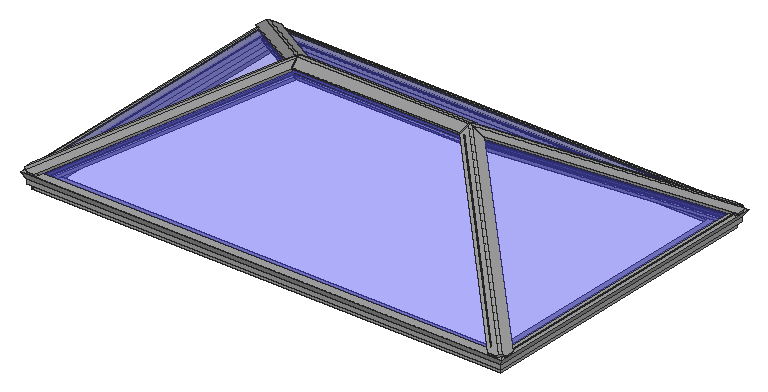
Revit family "Versalite™ Glass - Hipped End - Insulating Glass", category Generic Models, Revit 2015
Parameters
  Width Limitation [instance] = if(Width > 5' 0", 5' 0", if(Width < 3' 0", 3' 0", Width))  # 5' - 0"
  Width [instance] = 10' - 0"
  URL = "obe.com"
  Section Position 3 [instance] = 1' - 7.78461"
  Section Position 2 [instance] = 0' - 9 107/128"
  Section Position 1 [instance] = 1' - 7.78461"
  Section Height 3 [instance] = Section Position 3 * tan(30.00°) + 0' 0 41/128"  # 0' - 11.74296"
  Section Height 2 [instance] = Section Position 2 * tan(30.00°) + 0' 0 41/128"  # 0' - 5.99909"
  Section Height 1 [instance] = Section Position 1 * tan(30.00°) + 0' 0 11/128"  # 0' - 11.50859"
  Model = "Pre-engineered Skylight"
  Manufacturer = "Oldcastle BuildingEnvelope®"
  Length Limitation [instance] = if(Length > 8' 0", 8' 0", if(Length < 4' 0", 4' 0", Length))  # 8' - 0"
  Keynote = "08 63 00"
  Height [instance] = (Raster 2 * tan(30.00°)) + (0' 1 15/256")  # 1' - 7.48419"
  Glass Material = Glass
  Gasket Material = Gasket
  Frame Material = Aluminum
  Ridge Length [instance] = Length - (2 * Raster)  # 5' - 0"
  Raster 2 [instance] = Width Limitation / 2 + 0' 1 117/128"  # 2' - 7 117/128"
  Raster [instance] = Width Limitation / 2  # 2' - 6"
  Length [instance] = 10' - 0"
  Description = "Versalite™ Glass - Insulating Glass"
  Assembly Code = "B3020"
Reference planes (in)
  plane 1 "Center (Front/Back)": y = 0
  plane 2: z = 0
  plane 3 "Center (Left/Right)": x = 0
  plane 4: y = -30
  plane 5: y = 30
  plane 6: x = -48
  plane 7: x = 48
  plane 8 "Roof Left": through (-18.37096, 46.91666, 0.625) normal (0, 0.5, 0.866)
  plane 9 "Roof Rigth": through (-18.37096, -46.91666, 0.625) normal (0, 0.5, -0.866)
  plane 10: z = 19.48419
  plane 11 "Section Position 1": y = -10.21539
  plane 12 "Section Position 2": y = 10.21539
  plane 13: x = -38.16406
  plane 14: x = 28.21539
  plane 15: x = -18
  plane 16: x = 18
Forms (in)
  Sweep 1, solid, material "Aluminum"
    path origin (0, 0, 0) x (1, 0, 0) y (0, 1, 0)
      loop
        line (-48, 30) -> (-48, -30) -> (48, -30) -> (48, 30) -> (-48, 30)
    profile origin (0, 30, 0) x (0, 1, 0) y (0, 0, 1)
      loop
        line (1.00903, 1.23669) -> (0.93979, 1.11675) -> (1.48772, 0.80041) -> (0.8072, -0.37828) -> (-0.03775, 0.10956) -> (-0.38328, -0.52501) -> (-0.93348, -0.20736) -> (-1.24871, -0.75335) -> (-2.63565, -0.75335) -> (-2.63565, -1.35004) -> (0.57712, -1.35004) -> (0.57712, -2.67033) -> (0.69693, -2.67033) -> (0.69693, -1.58967) -> (1.296, -1.58967) -> (1.296, -0.66255) -> (2.04666, 0.63762) -> (1.00903, 1.23669)
Lines and regions (in)
  model lines
    curve 1: line (17.41876, 9.73866, 0) -> (17.34202, 9.8154, 0)
Dimensions and locks (in)
  equal spacing: plane 4, plane 1 "Center (Front/Back)", plane 5
  "Width Limitation": plane 5 to plane 4
  equal spacing: plane 6, plane 3 "Center (Left/Right)", plane 7
  locked: nested 6 to plane 6 at 1.35789
  "Section Position 1": plane 11 "Section Position 1" to plane 4
  "Section Position 1": plane 12 "Section Position 2" to plane 5
  "Section Position 2": plane 6 to plane 13
  "Section Position 3": plane 14 to plane 7
  "Height": plane 10 to level
  "Length Limitation": plane 6 to plane 7
  "Raster": plane 6 to plane 15
  "Raster": plane 16 to plane 7
  locked: plane 5 to nested 8 at 1.35823  (x2)
  locked: plane 4 to nested 7 at 1.35823  (x2)
  locked: plane 5 to nested 11 at 3.59895
  locked: nested 11 to plane 6 at 3.59895
  locked: nested 12 to plane 6 at 3.59895
  locked: plane 4 to nested 12 at 3.59895
  locked: plane 4 to nested 10 at 3.59895
  locked: plane 7 to nested 10 at 3.59895
  locked: plane 5 to nested 9 at 3.59895
  locked: plane 7 to nested 9 at 3.59895
  locked: plane 7 to nested 13 at 1.35789
  aligned and locked: level to plane 2
  aligned and locked: plane 16 to nested 3
  aligned and locked: nested 3 to plane 15
Automatic sketch dimensions
  plane 5 to Sweep 1 sketch curve = 0' - 0"
  Sweep 1 sketch curve to plane 7 = 0' - 0"
  plane 6 to Sweep 1 sketch curve = 0' - 0"
  Sweep 1 sketch curve to plane 4 = 0' - 0"
  profile plane to Sweep 1 sketch curve = 0' - 2.63565"
  profile plane to Sweep 1 sketch curve = 0' - 1.24871"
  Sweep 1 sketch curve to level = 0' - 0.20736"
  Sweep 1 sketch curve to Sweep 1 sketch curve = 0' - 0.31523"
  profile plane to Sweep 1 sketch curve = 0' - 0.38328"
  profile plane to Sweep 1 sketch curve = 0' - 0.03775"
  Sweep 1 sketch curve to profile plane = 0' - 0.57712"
  Sweep 1 sketch curve to Sweep 1 sketch curve = 0' - 0.11981"
  Sweep 1 sketch curve to level = 0' - 0.37828"
  Sweep 1 sketch curve to profile plane = 0' - 0.8072"
  Sweep 1 sketch curve to profile plane = 0' - 0.93979"
  Sweep 1 sketch curve to Sweep 1 sketch curve = 0' - 0.06925"
  Sweep 1 sketch curve to Sweep 1 sketch curve = 0' - 0.59907"
  Sweep 1 sketch curve to Sweep 1 sketch curve = 0' - 0.54793"
  level to Sweep 1 sketch curve = 0' - 0.63762"
  Sweep 1 sketch curve to Sweep 1 sketch curve = 0' - 0.55894"
  Sweep 1 sketch curve to Sweep 1 sketch curve = 0' - 0.546"
  Sweep 1 sketch curve to Sweep 1 sketch curve = 0' - 0 11/16"
  Sweep 1 sketch curve to Sweep 1 sketch curve = 0' - 0.23963"
  Sweep 1 sketch curve to Sweep 1 sketch curve = 0' - 1.08065"
  curve 1 to plane 16 = 0' - 0.65798"
  plane 12 "Section Position 2" to curve 1 = 0' - 0.47673"
  curve 1 to curve 1 = 0' - 0.07674"  (x2)
Nested families (in)
  nested 1: "VRG-7-12-Rafter" at (-66, -50.1691, 0.74578), Lenght <- "Raster 2", type "VRG-7-12-Rafter", not visible
    with Lenght 2' - 7 117/128", Height 1' - 6.42559"
  nested 2: "VRG-7-12-Rafter" at (-66, 50.1691, 0.74578), Lenght <- "Raster 2", type "VRG-7-12-Rafter", not visible
    with Lenght 2' - 7 117/128", Height 1' - 6.42559"
  nested 3: "Hip" at (0, 0, 0.0222) x (0, -1, 0) z (0, 0, 1), Height <- "Height", Frame Material <- "Frame Material", type "Hip"
    with Length 3' - 0", Height 1' - 7.48419", Frame Material Aluminum
  nested 4: "VRG-7-12-Rafter" at (-84, -32.1691, 0.74578), Lenght <- "Raster 2", type "VRG-7-12-Rafter", not visible
    with Lenght 2' - 7 117/128", Height 1' - 6.42559"
  nested 5: "VRG-7-12-Rafter" at (-84, 32.1691, 0.74578), Lenght <- "Raster 2", type "VRG-7-12-Rafter", not visible
    with Lenght 2' - 7 117/128", Height 1' - 6.42559"
  nested 6: "Triangular Glazing Panel" at (-49.35789, 0, -0.33984) x (0, -1, 0) z (0, 0, 1), Raster <- "Width Limitation", Length <- "Raster", type "Triangular Glazing Panel"
    with Raster 5' - 0", Nett Length 2' - 10.64102", Length 2' - 6"
  nested 7: "Trapeze Glazing Panel" at (0, -31.35823, -0.35239), Raster <- "Raster", Glass Width <- "Length Limitation", type "Trapeze Glazing Panel"
    with Raster 2' - 6", Nett Length 2' - 10.87539", Length 4' - 0", Glass Width 8' - 0"
  nested 8: "Trapeze Glazing Panel" at (0, 31.35823, -0.28989), Raster <- "Raster", Glass Width <- "Length Limitation", type "Trapeze Glazing Panel"
    with Raster 2' - 6", Nett Length 2' - 10.87539", Length 4' - 0", Glass Width 8' - 0"
  nested 9: "Ridge" at (51.59895, 33.59895, -2.49199) x (-1, 0, 0) z (0, 0, 1), Raster <- "Raster", type "Ridge"
    with Void elevation 1' - 8.60408", Raster 2' - 6", Nett Length 4' - 1.82652", Lenght 3' - 6.42641", Height 1' - 0.24888"
  nested 10: "Ridge" at (51.59895, -33.59895, -2.49199) x (-1, 0, 0) z (0, 0, 1), Raster <- "Raster", type "Ridge"
    with Void elevation 1' - 8.60408", Raster 2' - 6", Nett Length 4' - 1.82652", Lenght 3' - 6.42641", Height 1' - 0.24888"
  nested 11: "Ridge" at (-51.59895, 33.59895, -2.49199), Raster <- "Raster", type "Ridge"
    with Void elevation 1' - 8.60408", Raster 2' - 6", Nett Length 4' - 1.82652", Lenght 3' - 6.42641", Height 1' - 0.24888"
  nested 12: "Ridge" at (-51.59895, -33.59895, -2.49199), Raster <- "Raster", type "Ridge"
    with Void elevation 1' - 8.60408", Raster 2' - 6", Nett Length 4' - 1.82652", Lenght 3' - 6.42641", Height 1' - 0.24888"
  nested 13: "Triangular Glazing Panel" at (49.35789, 0, -0.33984) x (0, -1, 0) z (0, 0, 1), Raster <- "Width Limitation", Length <- "Raster", type "Triangular Glazing Panel"
    with Raster 5' - 0", Nett Length 2' - 10.64102", Length 2' - 6"
Definition of nested family "VRG-7-12-Rafter"
  Parameters (values of type "VRG-7-12-Rafter")
    Material = none
    Lenght [instance] = 4' - 0"
    Height [instance] = Lenght * tan(30.00°)  # 2' - 3.71281"
  Reference planes (in)
    plane 1 "Center (Front/Back)": y = 0
    plane 2: z = 0
    plane 3 "Center (Left/Right)": x = 0
    plane 4: through (0, -2.50843, 1.44824) normal (0, 0.5, 0.866)
    plane 5: through (0, 1.91, 8.68351) normal (0, -0.866, 0.5)
    plane 6: y = -48
    plane 7: through (0, -64.80082, 67.14002) normal (0, -0.866, 0.5)
    plane 8: z = 27.71281
    plane 9: z = -4
    plane 10: z = 28.71281
  Forms (in)
    Sweep 1, solid, material <- "Material"
      path origin (0, -1.54008, 0.3325) x (0, 1, 0) y (0, 0, 1)
        loop
          line (-46.45992, 27.38031) -> (1.54008, -0.3325)
      profile origin (0, -24, 13.85641) x (0, 0.5, 0.866025) y (1, 0, 0)
        loop
          line (0.33168, 1.25) -> (-0.29332, 1.25) -> (-0.29332, 0.5625) -> (-1.73082, 0.5625) -> (-1.73082, 1.4375) -> (-3.98082, 1.4375) -> (-3.98082, -1.4375) -> (-1.73082, -1.4375) -> (-1.73082, -0.5625) -> (-0.29332, -0.5625) -> (-0.29332, -1.25) -> (0.33168, -1.25) -> (0.33168, 1.25)
    Sweep 2, void
      path origin (0, 0, 0) x (1, 0, 0) y (0, 1, 0)
        loop
          line (-1.4375, 0) -> (1.4375, 0)
      profile origin (0, 0, 0) x (0, 1, 0) y (0, 0, 1)
        loop
          line (0.16584, 0.28724) -> (-0.91478, 0.91114) -> (-1.32418, 0.20931) -> (-0.77099, -0.11007) -> (-1.33785, -1.08183) -> (-2.10632, -0.63816) -> (-2.54721, -1.39397) -> (-3.27552, -0.97348) -> (-4.02553, -2.27252) -> (-1.99041, -3.44749) -> (0.16584, 0.28724)
    Extrusion 3, void
      sketch origin (0, 0, 0) x (0, 1, 0) y (0, 0, 1)
        loop
          line (-47.875, 28.02363) -> (-50.25, 28.02363) -> (-50.25, 24.13653) -> (-47, 22.26014) -> (-47, 25.14824) -> (-47.56717, 25.47585) -> (-46.84738, 26.70978) -> (-46.28543, 26.38534) -> (-45.971, 26.92436) -> (-47.875, 28.02363)
      from -1.4375 to 1.4375
  Cuts and joins
    Sweep 2, Extrusion 3 cuts Sweep 1
  Dimensions and locks (in)
    locked: plane 5 to plane 2 at 5.37529
    locked: plane 1 "Center (Front/Back)" to plane 5 at 3.10343
    "Lenght": plane 1 "Center (Front/Back)" to plane 6
    Sweep 1 sketch curve to Sweep 1 sketch curve = 0' - 2 7/8"
    Sweep 1 sketch curve to Sweep 1 sketch curve = 0' - 1 1/8"
    Sweep 1 sketch curve to Sweep 1 sketch curve = 0' - 2 1/2"
    locked: level to plane 9 at 4
    "Height": plane 8 to level
    locked: plane 10 to plane 8 at 1
    Sweep 2 sketch curve to plane 3 "Center (Left/Right)" to Sweep 2 sketch curve = 0' - 1 7/16" locked, 0' - 1 7/16" locked
    Extrusion 3 sketch curve to Extrusion 3 sketch curve to Extrusion 3 sketch curve to Extrusion 3 sketch curve to Extrusion 3 sketch curve to Extrusion 3 sketch curve to Extrusion 3 sketch curve to plane 6 to Extrusion 3 sketch curve = 0' - 0.31443" locked, 0' - 0.56195" locked, 0' - 0.15262" locked, 0' - 0" locked, 0' - 0.56717" locked, 0' - 0.30783" locked, 0' - 0 1/8" locked, 0' - 2 1/4" locked
    plane 10 to Extrusion 3 sketch curve to Extrusion 3 sketch curve to Extrusion 3 sketch curve to Extrusion 3 sketch curve to Extrusion 3 sketch curve to Extrusion 3 sketch curve to Extrusion 3 sketch curve to Extrusion 3 sketch curve = 0' - 0.68918" locked, 0' - 1.09927" locked, 0' - 0.21458" locked, 0' - 0.32444" locked, 0' - 0.90949" locked, 0' - 0.32761" locked, 0' - 1 3/256" locked, 0' - 1.87639" locked
    locked: level to plane 4 (angle 30.00°)
    locked: plane 1 "Center (Front/Back)" to plane 5 (angle 30.00°)
    aligned and locked: plane 2 to level
    aligned and locked: plane 4 to Sweep 1 sketch curve
    aligned and locked: plane 1 "Center (Front/Back)" to Sweep 1 sketch curve
    aligned and locked: plane 6 to Sweep 1 sketch curve
    aligned and locked: plane 1 "Center (Front/Back)" to Sweep 2 sketch curve
  Automatic sketch dimensions
    Sweep 2 sketch curve to profile plane = 0' - 0.16584"
    level to Sweep 2 sketch curve = 0' - 0.28724"
    profile plane to Sweep 2 sketch curve = 0' - 1.99041"
    level to Sweep 2 sketch curve = 0' - 0.91114"
    profile plane to Sweep 2 sketch curve = 0' - 0.91478"
    level to Sweep 2 sketch curve = 0' - 0.20931"
    Sweep 2 sketch curve to Sweep 2 sketch curve = 0' - 0.4094"
    Sweep 2 sketch curve to Sweep 2 sketch curve = 0' - 0.65256"
    Sweep 2 sketch curve to level = 0' - 0.11007"
    Sweep 2 sketch curve to Sweep 2 sketch curve = 0' - 0.56686"
    Sweep 2 sketch curve to Sweep 2 sketch curve = 0' - 0.97176"
    Sweep 2 sketch curve to level = 0' - 0.97348"
    Sweep 2 sketch curve to Sweep 2 sketch curve = 0' - 1.93767"
    Sweep 2 sketch curve to Sweep 2 sketch curve = 0' - 0.72832"
    Sweep 2 sketch curve to level = 0' - 0.63816"
    Sweep 2 sketch curve to Sweep 2 sketch curve = 0' - 0.44089"
    Sweep 1 sketch curve to plane 3 "Center (Left/Right)" = 0' - 1 7/16"
    profile plane to Sweep 1 sketch curve = 0' - 3.98082"
    profile plane to Sweep 1 sketch curve = 0' - 0.29332"  (x2)
    Sweep 1 sketch curve to profile plane = 0' - 0.33168"
    Sweep 1 sketch curve to plane 3 "Center (Left/Right)" = 0' - 1 1/4"
    Sweep 1 sketch curve to plane 3 "Center (Left/Right)" = 0' - 0 9/16"
    profile plane to Sweep 1 sketch curve = 0' - 1.73082"
    Sweep 1 sketch curve to Sweep 1 sketch curve = 0' - 1 7/16"
Definition of nested family "Hip"
  Parameters (values of type "Hip")
    Length [instance] = 4' - 0"
    Height [instance] = 3' - 0"
    Frame Material [instance] = none
  Reference planes (in)
    plane 1 "Center (Front/Back)": y = 0
    plane 2: z = 0
    plane 3 "Center (Left/Right)": x = 0
    plane 4: y = 24
    plane 5 "Top": z = 36
    plane 6: y = -24
    plane 7: y = 23.85547
    plane 8: y = -23.85547
  Forms (in)
    Sweep 1, solid, material <- "Frame Material"
      path origin (0, -48, 36) x (0, 1, 0) y (-1, 0, 0)
        loop
          line (24.14453, 0) -> (71.85547, 0)
      profile origin (0, 0, 36) x (-1, 0, 0) y (0, 0, 1)
        loop
          line (-1.29206, -1.25215) -> (-0.59824, -2.45523) -> (-1.55896, -3.00928) -> (-1.19822, -3.63479) -> (0, -2.943) -> (1.19822, -3.63479) -> (1.55896, -3.00928) -> (0.59824, -2.45523) -> (1.29206, -1.25215) -> (1.8757, -1.58911) -> (2.1846, -1.05348) -> (0.35947, 0) -> (-0.35947, 0) -> (-2.1846, -1.05348) -> (-1.8757, -1.58911) -> (-1.29206, -1.25215)
    Extrusion 2, void
      sketch origin (0, 0, 36) x (0, 1, 0) y (-1, 0, 0)
        loop
          line (23.85547, 2.279) -> (23.39871, 2.279) -> (23.85547, 0.375) -> (23.85547, 2.279)
        loop
          line (23.85547, -2.279) -> (23.85547, -0.375) -> (23.39871, -2.279) -> (23.85547, -2.279)
        loop
          line (-23.85547, 2.279) -> (-23.85547, 0.375) -> (-23.39871, 2.279) -> (-23.85547, 2.279)
        loop
          line (-23.85547, -2.279) -> (-23.39871, -2.279) -> (-23.85547, -0.375) -> (-23.85547, -2.279)
      from -36 to 0
  Cuts and joins
    Extrusion 2 cuts Sweep 1
  Dimensions and locks (in)
    "Length": plane 4 to plane 6
    "Height": plane 5 "Top" to level
    equal spacing: plane 6, plane 1 "Center (Front/Back)", plane 4
    locked: plane 4 to plane 7 at 0.14453
    locked: plane 6 to plane 8 at 0.14453
    aligned and locked: plane 2 to level
    aligned and locked: plane 3 "Center (Left/Right)" to Sweep 1 sketch curve
    aligned and locked: plane 7 to Sweep 1 sketch curve
    aligned and locked: plane 8 to Sweep 1 sketch curve
    aligned and locked: Extrusion 2 to level
    aligned and locked: plane 5 "Top" to Extrusion 2
  Automatic sketch dimensions
    plane 8 to Extrusion 2 sketch curve = 0' - 0"  (x2)
    Extrusion 2 sketch curve to plane 7 = 0' - 0"  (x2)
    Extrusion 2 sketch curve to plane 8 = 0' - 0.45676"  (x2)
    Extrusion 2 sketch curve to plane 7 = 0' - 0.45676"  (x2)
    plane 3 "Center (Left/Right)" to Extrusion 2 sketch curve = 0' - 2.279"  (x2)
    plane 3 "Center (Left/Right)" to Extrusion 2 sketch curve = 0' - 0 3/8"  (x2)
    Extrusion 2 sketch curve to plane 3 "Center (Left/Right)" = 0' - 0 3/8"  (x2)
    Extrusion 2 sketch curve to Extrusion 2 sketch curve = 0' - 1.904"  (x2)
    Sweep 1 sketch curve to profile plane = 0' - 0"
    Sweep 1 sketch curve to Sweep 1 sketch curve = 0' - 0"
    Sweep 1 sketch curve to plane 5 "Top" = 0' - 0"
    profile plane to Sweep 1 sketch curve = 0' - 0.35947"
    Sweep 1 sketch curve to Sweep 1 sketch curve = 0' - 0.69382"  (x2)
    Sweep 1 sketch curve to profile plane = 0' - 0.35947"
    Sweep 1 sketch curve to plane 5 "Top" = 0' - 1.05348"  (x2)
    Sweep 1 sketch curve to Sweep 1 sketch curve = 0' - 0.31674"
    Sweep 1 sketch curve to Sweep 1 sketch curve = 0' - 0.53563"  (x2)
    profile plane to Sweep 1 sketch curve = 0' - 0.59824"
    Sweep 1 sketch curve to Sweep 1 sketch curve = 0' - 0.36073"  (x2)
    Sweep 1 sketch curve to Sweep 1 sketch curve = 0' - 0.62551"  (x2)
    Sweep 1 sketch curve to Sweep 1 sketch curve = 0' - 0.96071"
    Sweep 1 sketch curve to Sweep 1 sketch curve = 0' - 0.48776"
    Sweep 1 sketch curve to profile plane = 0' - 0.59824"
    Sweep 1 sketch curve to profile plane = 0' - 1.19822"
    Sweep 1 sketch curve to Sweep 1 sketch curve = 0' - 0.58363"
    Sweep 1 sketch curve to Sweep 1 sketch curve = 0' - 0.30891"  (x2)
    Sweep 1 sketch curve to Sweep 1 sketch curve = 0' - 0.86612"
Definition of nested family "Triangular Glazing Panel"
  Parameters (values of type "Triangular Glazing Panel")
    Raster [instance] = 9' - 0"
    Nett Length [instance] = ((Raster / cos(30.00°)) / 2)  # 5' - 2.35383"
    Length [instance] = 3' - 7.67416"
  Reference planes (in)
    plane 1 "Center (Front/Back)": y = 0
    plane 2: z = 0
    plane 3 "Center (Left/Right)": x = 0
    plane 4: x = -54
    plane 5: x = 54
    plane 6 "Top": y = 43.67416
    plane 7: x = -53.4375
    plane 8: x = 53.4375
    plane 9: through (0, 0.35933, 0.24284) normal (0, -0.866, -0.5)
    plane 10 "INT": through (0, 0.52177, 0.09566) normal (0, -0.5, 0.866)
    plane 11 "EXT": through (0, 0.02186, 0.95146) normal (0, -0.5, 0.866)
    plane 12: through (0, 0.40896, 0.29105) normal (0, -0.5, 0.866)
    plane 13: through (0, 0.13468, 0.75605) normal (0, -0.5, 0.866)
    plane 14: through (0, 54.35933, 31.41975) normal (0, -0.866, -0.5)
  Forms (in)
    Sweep 1, solid, detail levels fine
      path origin (0, 0.52177, 0.09566) x (0, -0.866025, -0.5) y (1, 0, 0)
        loop
          line (0.06709, -53.89578) -> (0.06709, 53.89578) -> (-62.32772, 0) -> (0.06709, -53.89578)
      profile origin (0, 0.46367, 0.06211) x (0, 0.866025, 0.5) y (0, -0.5, 0.866025)
        loop
          line (0.15942, -0.17401) -> (0.66398, -0.17627) -> (0.66477, 0) -> (0.15942, 0) -> (0.15942, -0.17401)
    Sweep 2, solid, detail levels fine
      path origin (0, 0.02186, 0.95146) x (0, -0.866025, -0.5) y (1, 0, 0)
        loop
          line (-62.33276, 0) -> (0.06205, -53.89578) -> (0.06205, 53.89578) -> (-62.33276, 0)
      profile origin (-26.94789, 26.98586, 16.51914) x (0.756767, -0.566108, -0.326842) y (0, -0.5, 0.866025)
        loop
          line (0.58539, 0.20374) -> (0.22342, 0.20536) -> (0.19511, 0.08826) -> (0.2164, -0.00263) -> (0.59095, -0.00263) -> (0.61266, 0.08639) -> (0.58539, 0.20374)
    Extrusion 3, solid, detail levels coarse
      sketch origin (0, 0.46246, 0.30236) x (0, -0.866025, -0.5) y (1, 0, 0)
        loop
          line (0.11908, -53.89578) -> (0.11908, 53.89578) -> (-62.27573, 0) -> (0.11908, -53.89578)
      from -0.20866 to 0.78216
    Extrusion 4, solid, detail levels medium+fine
      sketch origin (0, 0.46246, 0.30236) x (0, -0.866025, -0.5) y (1, 0, 0)
        loop
          line (0.11908, -53.89578) -> (0.11908, 53.89578) -> (-62.27573, 0) -> (0.11908, -53.89578)
      from -0.20866 to 0.01696
    Extrusion 5, solid, detail levels medium+fine
      sketch origin (0, 0.46246, 0.30236) x (0, -0.866025, -0.5) y (1, 0, 0)
        loop
          line (0.11908, -53.89578) -> (0.11908, 53.89578) -> (-62.27573, 0) -> (0.11908, -53.89578)
      from 0.5568 to 0.78244
  Dimensions and locks (in)
    locked: plane 4 to plane 7 at 0.5625
    locked: plane 8 to plane 5 at 0.5625
    plane 9 to level = 0' - 0.86521"
    plane 1 "Center (Front/Back)" to plane 9 = 0' - 0.49953"
    "Length": plane 1 "Center (Front/Back)" to plane 6 "Top"
    equal spacing: plane 4, plane 3 "Center (Left/Right)", plane 5
    "Raster": plane 4 to plane 5
    "Nett Length": plane 14 to plane 9
    locked: plane 4 to Extrusion 5 sketch curve at 0.10422
    locked: Extrusion 5 sketch curve to plane 5 at 0.10422
    locked: Extrusion 4 sketch curve to plane 5 at 0.10422
    locked: plane 4 to Extrusion 4 sketch curve at 0.10422
    locked: plane 4 to Sweep 2 sketch curve at 0.10422
    locked: Sweep 2 sketch curve to plane 5 at 0.10422
    locked: Sweep 1 sketch curve to plane 5 at 0.10422
    locked: plane 4 to Sweep 1 sketch curve at 0.10422
    locked: Extrusion 3 sketch curve to plane 5 at 0.10422
    locked: plane 4 to Extrusion 3 sketch curve at 0.10422
    angle plane 1 "Center (Front/Back)" to plane 9 = 30.00°
    locked: Extrusion 5 sketch curve to Extrusion 5 sketch curve (angle 49.18°)  (x2)
    locked: Extrusion 3 sketch curve to Extrusion 3 sketch curve (angle 49.18°)  (x2)
    locked: Extrusion 4 sketch curve to Extrusion 4 sketch curve (angle 49.18°)  (x2)
    locked: Sweep 1 sketch curve to Sweep 1 sketch curve (angle 49.18°)
    angle Sweep 1 sketch curve to Sweep 1 sketch curve = 49.18°
    locked: Sweep 2 sketch curve to Sweep 1 (angle 49.18°)
    locked: Sweep 2 sketch curve to Sweep 2 sketch curve (angle 49.18°)
    aligned and locked: plane 2 to level
    aligned and locked: plane 9 to Sweep 2 sketch curve
    aligned and locked: plane 9 to Sweep 1 sketch curve
    aligned and locked: plane 12 to Extrusion 4
    aligned and locked: plane 11 "EXT" to Extrusion 5
    aligned and locked: Extrusion 5 to plane 13
    aligned and locked: plane 9 to Extrusion 5 sketch curve
  Automatic sketch dimensions
    plane 11 "EXT" to Sweep 2 sketch curve = 0' - 0.08826"
    Sweep 2 sketch curve to profile plane = 0' - 0.19511"
    Sweep 2 sketch curve to plane 11 "EXT" = 0' - 0.00263"
    Sweep 2 sketch curve to Sweep 2 sketch curve = 0' - 0.0213"
    Sweep 2 sketch curve to Sweep 2 sketch curve = 0' - 0.02831"
    plane 11 "EXT" to Sweep 2 sketch curve = 0' - 0.20374"
    Sweep 2 sketch curve to Sweep 2 sketch curve = 0' - 0.36197"
    Sweep 2 sketch curve to Sweep 2 sketch curve = 0' - 0.00556"
    plane 11 "EXT" to Sweep 2 sketch curve = 0' - 0.08639"
    Sweep 2 sketch curve to Sweep 2 sketch curve = 0' - 0.0217"
    Sweep 2 sketch curve to Sweep 2 sketch curve = 0' - 0.1171"
    Sweep 1 sketch curve to plane 10 "INT" = 0' - 0"
    Sweep 1 sketch curve to profile plane = 0' - 0.15942"
    Sweep 1 sketch curve to plane 10 "INT" = 0' - 0.17627"
    Sweep 1 sketch curve to Sweep 1 sketch curve = 0' - 0.50456"
    Sweep 1 sketch curve to Sweep 1 sketch curve = 0' - 0.00079"
    plane 9 to Extrusion 3 sketch curve = 0' - 0"
    plane 9 to Extrusion 4 sketch curve = 0' - 0"
    plane 3 "Center (Left/Right)" to Sweep 2 sketch curve = 0' - 0"
Definition of nested family "Trapeze Glazing Panel"
  Parameters (values of type "Trapeze Glazing Panel")
    Glass Width [instance] = 5' - 0"
    Raster [instance] = 1' - 11.97755"
    Nett Length [instance] = Raster / cos(30.00°) + 0' 0 15/64"  # 2' - 3.92127"
    Length [instance] = 3' - 0"
  Reference planes (in)
    plane 1 "Center (Front/Back)": y = 0
    plane 2: z = 0
    plane 3 "Center (Left/Right)": x = 0
    plane 4: x = -30
    plane 5: x = 30
    plane 6 "Top": y = 36
    plane 7: through (0, 24.55553, 14.17714) normal (0, -0.866, -0.5)
    plane 8: x = -29.4375
    plane 9: x = 29.4375
    plane 10: through (0, 0.5, 0) normal (0, -0.866, -0.5)
    plane 11 "INT": through (0, 0.46402, 0.06232) normal (0, -0.5, 0.866)
    plane 12 "EXT": through (0, -0.03726, 0.92048) normal (0, -0.5, 0.866)
    plane 13 "First Mullion Offset": x = -6.02245
    plane 14: through (-34.15588, -8.12112, 15.51069) normal (-0.7568, 0.5661, 0.3268)
    plane 15: through (-33.75864, -8.46807, 15.31037) normal (-0.7568, 0.5661, 0.3268)
    plane 16: through (0, 0.3426, 0.27263) normal (0, -0.5, 0.866)
    plane 17: through (0, 0.07693, 0.7227) normal (0, -0.5, 0.866)
    plane 18: through (34.15588, -8.12112, 15.51069) normal (-0.7568, -0.5661, -0.3268)
    plane 19: through (33.75864, -8.46807, 15.31037) normal (-0.7568, -0.5661, -0.3268)
    plane 20: x = 6.02245
  Forms (in)
    Extrusion 1, solid, detail levels coarse
      sketch origin (0, 0.5, 0) x (0, -0.866025, -0.5) y (1, 0, 0)
        loop
          line (0, -29.875) -> (0, 29.875) -> (-27.92127, 5.71708) -> (-27.92127, -5.71708) -> (0, -29.875)
      from 0.07196 to 1.06238
    Sweep 2, solid, detail levels fine
      path origin (0, 0.46402, 0.06232) x (0, -0.866025, -0.5) y (1, 0, 0)
        loop
          line (-27.92127, 5.8662) -> (-27.92127, -5.8662) -> (0, -29.875) -> (0, 29.875) -> (-27.92127, 5.8662)
      profile origin (0, 24.64455, 14.02295) x (0, -0.866025, -0.5) y (0, -0.5, 0.866025)
        loop
          line (0.60003, -0.17402) -> (0.67233, 0) -> (0.13561, 0) -> (0.20609, -0.17402) -> (0.60003, -0.17402)
    Sweep 3, solid, detail levels fine
      path origin (0, -0.03726, 0.92048) x (0, -0.866025, -0.5) y (1, 0, 0)
        loop
          line (-0.00504, -29.875) -> (-0.00504, 29.875) -> (-27.92631, 5.8662) -> (-27.92631, -5.85255) -> (-0.00504, -29.875)
      profile origin (0, -0.0329, 0.923) x (0, 0.866025, 0.5) y (0, -0.5, 0.866025)
        loop
          line (0.588, 0.1925) -> (0.22071, 0.19415) -> (0.19511, 0.08826) -> (0.2164, -0.00263) -> (0.59095, -0.00263) -> (0.61266, 0.08639) -> (0.588, 0.1925)
    Extrusion 4, solid, detail levels medium+fine
      sketch origin (0, 0.5, 0) x (0, -0.866025, -0.5) y (1, 0, 0)
        loop
          line (0, -29.86114) -> (0, 29.86114) -> (-27.92127, 5.85448) -> (-27.92127, -5.85448) -> (0, -29.86114)
      from 0.07196 to 0.3148
    Extrusion 5, solid, detail levels medium+fine
      sketch origin (0, 0.5, 0) x (0, -0.866025, -0.5) y (1, 0, 0)
        loop
          line (0, -29.86114) -> (0, 29.86114) -> (-27.92127, 5.85448) -> (-27.92127, -5.85448) -> (0, -29.86114)
      from 0.83741 to 1.06579
  Dimensions and locks (in)
    locked: plane 4 to plane 8 at 0.5625
    locked: plane 9 to plane 5 at 0.5625
    "Nett Length": plane 10 to plane 7
    locked: plane 10 to level at 0.86603
    locked: plane 1 "Center (Front/Back)" to plane 10 at 0.5
    "Length": plane 1 "Center (Front/Back)" to plane 6 "Top"
    "Raster": plane 4 to plane 13 "First Mullion Offset"
    locked: plane 14 to plane 15 at 0.5625
    equal spacing: plane 8, plane 3 "Center (Left/Right)", plane 9
    locked: plane 18 to plane 19 at 0.5625
    "Raster": plane 20 to plane 5
    locked: Extrusion 5 sketch curve to plane 5 at 0.13886
    locked: plane 4 to Extrusion 5 sketch curve at 0.13886
    locked: plane 4 to Extrusion 1 sketch curve at 0.125
    locked: Extrusion 1 sketch curve to plane 5 at 0.125
    locked: Extrusion 4 sketch curve to plane 5 at 0.13886
    locked: plane 4 to Extrusion 4 sketch curve at 0.13886
    locked: plane 4 to Sweep 3 sketch curve at 0.125
    locked: Sweep 3 sketch curve to plane 5 at 0.125
    locked: Sweep 2 sketch curve to plane 5 at 0.125
    locked: plane 4 to Sweep 2 sketch curve at 0.125
    "Glass Width": plane 4 to plane 5
    locked: plane 13 "First Mullion Offset" to Extrusion 5 sketch curve at 0.16796
    locked: Extrusion 5 sketch curve to plane 20 at 0.16796
    Extrusion 1 sketch curve to plane 20 = 0' - 0.30537"
    locked: Extrusion 4 sketch curve to plane 20 at 0.16796
    locked: plane 13 "First Mullion Offset" to Extrusion 4 sketch curve at 0.16796
    locked: plane 13 "First Mullion Offset" to Sweep 2 sketch curve at 0.15625
    locked: plane 13 "First Mullion Offset" to Extrusion 1 sketch curve at 0.30537
    locked: plane 13 "First Mullion Offset" to Sweep 3 sketch curve at 0.16989
    locked: Sweep 3 sketch curve to plane 20 at 0.15625
    locked: Sweep 2 sketch curve to plane 20 at 0.15625
    locked: plane 6 "Top" to plane 7 (angle 30.00°)
    locked: plane 1 "Center (Front/Back)" to plane 10 (angle 30.00°)
    locked: plane 10 to plane 14 (angle 49.18°)
    locked: plane 18 to plane 10 (angle 49.18°)
    aligned and locked: plane 2 to level
    aligned and locked: Sweep 3 sketch curve to plane 7
    aligned and locked: plane 10 to Sweep 3 sketch curve
    aligned and locked: Sweep 2 sketch curve to plane 7
    aligned and locked: plane 10 to Sweep 2 sketch curve
    aligned and locked: plane 16 to Extrusion 4
    aligned and locked: Extrusion 4 to plane 7
    aligned and locked: plane 10 to Extrusion 4
    aligned and locked: plane 12 "EXT" to Extrusion 5
    aligned and locked: Extrusion 5 to plane 17
    aligned and locked: Extrusion 5 to plane 7
    aligned and locked: plane 10 to Extrusion 5
  Automatic sketch dimensions
    Sweep 2 sketch curve to plane 11 "INT" = 0' - 0"
    Sweep 2 sketch curve to profile plane = 0' - 0.13561"
    Sweep 2 sketch curve to Sweep 2 sketch curve = 0' - 0.07048"
    Sweep 2 sketch curve to plane 11 "INT" = 0' - 0.17402"  (x2)
    Sweep 2 sketch curve to Sweep 2 sketch curve = 0' - 0.39395"
    Sweep 2 sketch curve to Sweep 2 sketch curve = 0' - 0.0723"
    plane 7 to Extrusion 5 sketch curve = 0' - 0"
    plane 10 to Extrusion 5 sketch curve = 0' - 0"
    plane 10 to Extrusion 4 sketch curve = 0' - 0"
    plane 7 to Extrusion 4 sketch curve = 0' - 0"
    plane 7 to Extrusion 1 sketch curve = 0' - 0"
    plane 10 to Extrusion 1 sketch curve = 0' - 0"
    plane 12 "EXT" to Sweep 3 sketch curve = 0' - 0.08826"
    Sweep 3 sketch curve to profile plane = 0' - 0.19511"
    Sweep 3 sketch curve to plane 12 "EXT" = 0' - 0.00263"
    Sweep 3 sketch curve to Sweep 3 sketch curve = 0' - 0.0213"
    Sweep 3 sketch curve to Sweep 3 sketch curve = 0' - 0.0256"
    plane 12 "EXT" to Sweep 3 sketch curve = 0' - 0.1925"
    Sweep 3 sketch curve to Sweep 3 sketch curve = 0' - 0.3673"
    Sweep 3 sketch curve to Sweep 3 sketch curve = 0' - 0.00295"
    plane 12 "EXT" to Sweep 3 sketch curve = 0' - 0.08639"
    Sweep 3 sketch curve to Sweep 3 sketch curve = 0' - 0.0217"
    Sweep 3 sketch curve to Sweep 3 sketch curve = 0' - 0.10589"
Definition of nested family "Ridge"
  Parameters (values of type "Ridge")
    Void elevation [instance] = (Nett Length * sin(22.21°)) + 0' 1 197/256"  # 1' - 5.13957"
    Raster [instance] = 2' - 0"
    Nett Length [instance] = Lenght / cos(22.21°) + 0' 4"  # 3' - 4.66122"
    Lenght [instance] = Raster * sqrt(2)  # 2' - 9.94113"
    Height [instance] = Raster * tan(22.21°)  # 0' - 9.79911"
  Reference planes (in)
    plane 1 "Center (Front/Back)": y = 0
    plane 2: z = 0
    plane 3 "Center (Left/Right)": x = 0
    plane 4: through (8.48059, -4.3976, -0.9828) normal (-0.2551, -0.2833, 0.9245)
    plane 5 "Bottom": through (6.74976, -3.36907, 0) normal (-0.7071, -0.7071, 0)
    plane 6: y = 24
    plane 7: x = 24
    plane 8: through (11.2756, 1.15677, -10.34791) normal (-0.6546, -0.6546, -0.378)
    plane 9: z = 24
    plane 10: z = 9.79911
    plane 11 "Base": through (26.20311, -22.82243, 0) normal (-0.2673, -0.2673, 0.9258)
    plane 12: through (37.89417, 27.77534, 5.02213) normal (-0.6546, -0.6546, -0.378)
    plane 13: z = 17.13957
  Forms (in)
    Extrusion 1, void
      sketch origin (1.6048, 1.6048, 0) x (1, 0, 0) y (0, 1, 0)
        loop
          line (26.58295, 25.99609) -> (26.58295, 22.00563) -> (29.52882, 22.00563) -> (29.52882, 29.34494) -> (22.15382, 29.34494) -> (22.15382, 25.99609) -> (26.58295, 25.99609)
      from 0 to 24
    Sweep 2, solid
      path origin (26.20311, -22.82243, 0) x (-0.654643, -0.654643, -0.378002) y (0.707107, -0.707107, 0)
        loop
          line (-2.01408, -34.64497) -> (-42.6753, -34.64497)
      profile origin (16.33321, 16.30305, 8.44635) x (-0.707107, 0.707107, 0) y (-0.267288, -0.267288, 0.925805)
        loop
          line (-1.0267, 2.33294) -> (-0.53146, 1.03223) -> (-1.46193, 0.67796) -> (-1.2038, 0) -> (0, 0.45901) -> (1.2038, 0) -> (1.46193, 0.67796) -> (0.53146, 1.03223) -> (1.0267, 2.33294) -> (1.76759, 2.05043) -> (1.98868, 2.63548) -> (0.36114, 3.2499) -> (-0.36114, 3.2499) -> (-1.98868, 2.63548) -> (-1.76759, 2.05043) -> (-1.0267, 2.33294)
    Sweep 3, void
      path origin (0, 0, 0) x (1, 0, 0) y (0, 1, 0)
        loop
          line (0, 10) -> (0, 0) -> (10, 0)
      profile origin (5, 0, 0) x (0, 1, 0) y (0, 0, 1)
        loop
          line (4.68231, 0) -> (4.68231, 2.10747) -> (4.24288, 2.10747) -> (3.92764, 2.65347) -> (3.37745, 2.33582) -> (3.0306, 2.9728) -> (2.18523, 2.48473) -> (1.49717, 3.67745) -> (2.04504, 3.99376) -> (1.98513, 4.09752) -> (0, 2.9514) -> (0, 0) -> (4.68231, 0)
    Extrusion 4, void
      sketch origin (0, 0, 0) x (1, 0, 0) y (0, 1, 0)
        loop
          line (28.18775, 27.60089) -> (27.719, 27.60089) -> (27.719, 27.2794) -> (28.18775, 25.37377) -> (28.18775, 27.60089)
      from 17.13957 to 24
  Cuts and joins
    Extrusion 1, Sweep 3, Extrusion 4 cuts Sweep 2
  Dimensions and locks (in)
    "Raster": plane 3 "Center (Left/Right)" to plane 7
    "Raster": plane 1 "Center (Front/Back)" to plane 6
    plane 5 "Bottom" to plane 8 = 0' - 2.1755"
    locked: plane 8 to plane 2 at 5.32823
    "Raster": plane 9 to level
    "Height": plane 10 to level
    Extrusion 1 sketch curve to plane 6 to Extrusion 1 sketch curve to Extrusion 1 sketch curve = 0' - 0.38957" locked, 0' - 3.60089" locked, 0' - 3.34884" locked
    Extrusion 1 sketch curve to plane 7 to Extrusion 1 sketch curve to Extrusion 1 sketch curve = 0' - 0.24138" locked, 0' - 4.18775" locked, 0' - 2.94587" locked
    "Nett Length": plane 8 to plane 12
    locked: plane 3 "Center (Left/Right)" to Sweep 3 sketch curve at 10
    locked: plane 1 "Center (Front/Back)" to Sweep 3 sketch curve at 10
    locked: Extrusion 4 sketch curve to Extrusion 4 sketch curve at 0.46875
    locked: Extrusion 4 sketch curve to Extrusion 4 sketch curve at 2.22712
    locked: plane 6 to Extrusion 4 sketch curve at 3.60089
    locked: plane 7 to Extrusion 4 sketch curve at 4.18775
    locked: plane 6 to Extrusion 4 sketch curve at 3.2794
    "Void elevation": plane 13 to level
    locked: plane 5 "Bottom" to plane 8 (angle 22.21°)  (x2)
    angle level to plane 11 "Base" = 22.21°
    aligned and locked: plane 2 to level
    aligned and locked: plane 9 to Extrusion 1
    aligned and locked: plane 8 to Sweep 2 sketch curve
    aligned and locked: plane 12 to Sweep 2 sketch curve
    aligned and locked: plane 1 "Center (Front/Back)" to Sweep 3 sketch curve
    aligned and locked: plane 3 "Center (Left/Right)" to Sweep 3 sketch curve
    aligned and locked: plane 9 to Extrusion 4
    aligned and locked: Extrusion 1 to Extrusion 4
    aligned and locked: Extrusion 1 to level
    aligned and locked: Extrusion 4 to plane 13
  Automatic sketch dimensions
    plane 11 "Base" to Sweep 2 sketch curve = 0' - 0"  (x2)
    profile plane to Sweep 2 sketch curve = 0' - 0"
    profile plane to Sweep 2 sketch curve = 0' - 0.36114"
    profile plane to Sweep 2 sketch curve = 0' - 0.53146"
    profile plane to Sweep 2 sketch curve = 0' - 1.0267"
    profile plane to Sweep 2 sketch curve = 0' - 1.2038"
    plane 11 "Base" to Sweep 2 sketch curve = 0' - 0.67796"  (x2)
    Sweep 2 sketch curve to Sweep 2 sketch curve = 0' - 0.25813"  (x2)
    Sweep 2 sketch curve to Sweep 2 sketch curve = 0' - 0.74089"  (x2)
    Sweep 2 sketch curve to Sweep 2 sketch curve = 0' - 0.22109"  (x2)
    Sweep 2 sketch curve to profile plane = 0' - 0.36114"
    Sweep 2 sketch curve to profile plane = 0' - 0.53146"
    Sweep 2 sketch curve to profile plane = 0' - 1.0267"
    Sweep 2 sketch curve to profile plane = 0' - 1.2038"
    plane 11 "Base" to Sweep 2 sketch curve = 0' - 0.45901"
    Sweep 2 sketch curve to Sweep 2 sketch curve = 0' - 0.2825"  (x2)
    Sweep 2 sketch curve to Sweep 2 sketch curve = 0' - 0.58505"  (x2)
    Sweep 2 sketch curve to Sweep 2 sketch curve = 0' - 0.91697"
    Sweep 3 sketch curve to level = 0' - 0"
    Sweep 3 sketch curve to profile plane = 0' - 0"
    level to Sweep 3 sketch curve = 0' - 2.48473"
    Sweep 3 sketch curve to profile plane = 0' - 2.18523"
    Sweep 3 sketch curve to Sweep 3 sketch curve = 0' - 0.05991"
    Sweep 3 sketch curve to Sweep 3 sketch curve = 0' - 0.54787"
    Sweep 3 sketch curve to profile plane = 0' - 3.0306"
    Sweep 3 sketch curve to profile plane = 0' - 3.37745"
    Sweep 3 sketch curve to Sweep 3 sketch curve = 0' - 0.5502"
    Sweep 3 sketch curve to Sweep 3 sketch curve = 0' - 0.31523"
    level to Sweep 3 sketch curve = 0' - 2.33582"
    level to Sweep 3 sketch curve = 0' - 2.9728"
    Sweep 3 sketch curve to Sweep 3 sketch curve = 0' - 0.31631"
    level to Sweep 3 sketch curve = 0' - 2.9514"
    level to Sweep 3 sketch curve = 0' - 2.10747"
    Sweep 3 sketch curve to Sweep 3 sketch curve = 0' - 1.14612"
    Sweep 3 sketch curve to Sweep 3 sketch curve = 0' - 0.43943"
